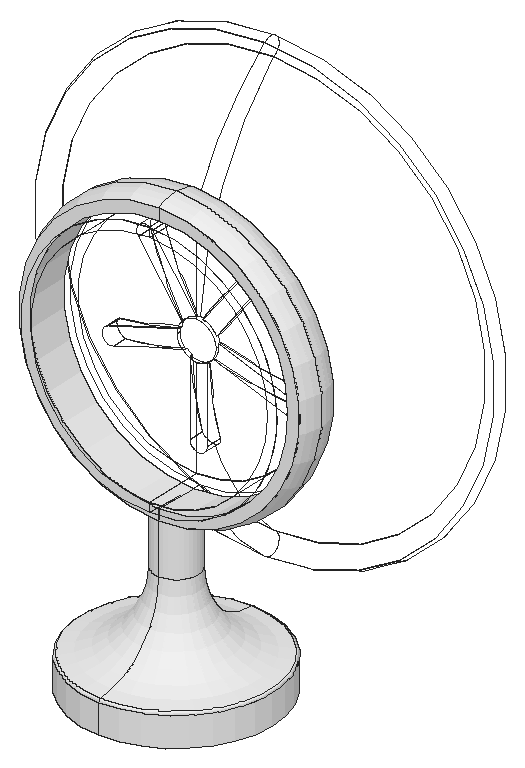
Revit family "Soap Holder-Wall-Dorf Kip1", category Specialty Equipment, host Face, Revit 2014
Parameters (values of type "Standard")
  Width_ANZRS = 124.4 mm  # constant formula
  URL = "http://specify.caroma.com.au/"
  Type Comments = "Caroma Kip Soap Dish"  # constant formula
  ModifiedIssue_ANZRS = 20150421.01  # constant formula
  Model = "872890C"  # constant formula
  Material_ANZRS = Metal-Chrome-Caroma
  Manufacturer = "GWA Bathrooms & Kitchens"  # constant formula
  Length_ANZRS = 109 mm  # constant formula
  Height_ANZRS = 52.7 mm  # constant formula
  Glazing = Glass-Clear-Caroma
  Description = "The Dorf Kip collection, complete with a full range of bathroom accessories and mixer taps offers a streamlined design, versatility and lasting quality."  # constant formula
  Default Elevation = 1000 mm
  CreatedBy_ANZRS = "Design Content"  # constant formula
  CreatedByURL_ANZRS = "http://www.designcontent.com.au"
  Cost = 0
  Assembly Code = "C1030200"
Reference planes
  plane 1 "Center (Elevation)": y = 0
  plane 2 "Back": z = 0
  plane 3 "Center (Left/Right)": x = 0
  plane 4 "Centre": z = 69.931
  plane 5 "Front": z = 124.4
  plane 6 "Left": x = -54.5
  plane 7 "Right": x = 54.5
  plane 8 "Bottom": y = -22.847
  plane 9 "Top": y = 29.853
Forms (mm)
  Revolve 1, solid, material "Metal-Chrome-Caroma" <- "Material_ANZRS"
    sketch origin (0, 0, -21.069) x (0, 1, 0) y (0, 0, 1)
      loop
        arc (5, 123.729) -> (2.588, 124.728) -> (0, 125.069) r 10
        arc (0, 125.069) -> (-2.588, 124.728) -> (-5, 123.729) r 10
        line (-5, 123.729) -> (-5, 121.147) -> (5, 121.4) -> (5, 123.729)
      axis (5, 91) -> (-5, 91)
    angle from 0 to 360
  Revolve 2, solid, material "Glass-Clear-Caroma" <- "Glazing"
    sketch origin (0, 0, -21.069) x (0, 1, 0) y (0, 0, 1)
      loop
        line (7.153, 121.551) -> (-7.847, 120.901) -> (-7.847, 118.708) -> (6.041, 118.708) -> (6.041, 91) -> (7.153, 91)
        arc (7.153, 91) -> (12.547, 118.088) -> (28.551, 140.598) r 66.014
        arc (28.551, 140.598) -> (29.718, 144.299) -> (25.865, 144.76) r 2.521
        arc (25.865, 144.76) -> (15.229, 134.187) -> (7.153, 121.551) r 68.411
      axis (28.551, 91) -> (-7.847, 91)
    angle from 0 to 360
  Revolve 3, solid, material "Metal-Chrome-Caroma" <- "Material_ANZRS"
    sketch origin (0, 0, 0) x (0, 1, 0) y (0, 0, 1)
      loop
        line (0, 0) -> (22.514, 0) -> (22.514, 6.9)
        arc (22.514, 6.9) -> (22.409, 7.272) -> (22.098, 7.503) r 0.6
        arc (22.098, 7.503) -> (9.97, 13.1) -> (4.988, 25.493) r 18.091
        line (4.988, 25.493) -> (4.988, 39.493) -> (0, 39.493) -> (0, 0)
      axis (0, 39.493) -> (0, 0)
    angle from 0 to 360
  Extrusion 4, void
    sketch origin (0, 0, -21.069) x (1, 0, 0) y (0, 0, 1)
      loop
        circle (0, 91) r 4.5
    from -21.817 to 27.5
  Extrusion 5, void
    sketch origin (0, 0, -21.069) x (1, 0, 0) y (0, 0, 1)
      loop
        arc (1.95, 87.195) -> (-0.037, 89.208) -> (-2.05, 87.22) r 2
        line (-2.05, 87.22) -> (-2.165, 69.221)
        arc (-2.165, 69.221) -> (-0.178, 67.208) -> (1.835, 69.195) r 2
        line (1.835, 69.195) -> (1.95, 87.195)
      loop
        line (-0.584, 95.248) -> (-11.071, 109.877)
        arc (-11.071, 109.877) -> (-13.862, 110.338) -> (-14.322, 107.547) r 2
        line (-14.322, 107.547) -> (-3.835, 92.917)
        arc (-3.835, 92.917) -> (-1.044, 92.457) -> (-0.584, 95.248) r 2
      loop
        arc (-3.008, 87.945) -> (-1.708, 90.457) -> (-4.22, 91.757) r 2
        line (-4.22, 91.757) -> (-21.374, 86.304)
        arc (-21.374, 86.304) -> (-22.675, 83.793) -> (-20.163, 82.492) r 2
        line (-20.163, 82.492) -> (-3.008, 87.945)
      loop
        line (3.859, 92.868) -> (14.532, 107.362)
        arc (14.532, 107.362) -> (14.108, 110.159) -> (11.311, 109.734) r 2
        line (11.311, 109.734) -> (0.638, 95.24)
        arc (0.638, 95.24) -> (1.063, 92.443) -> (3.859, 92.868) r 2
      loop
        line (2.969, 87.907) -> (20.052, 82.235)
        arc (20.052, 82.235) -> (22.581, 83.503) -> (21.313, 86.031) r 2
        line (21.313, 86.031) -> (4.23, 91.703)
        arc (4.23, 91.703) -> (1.701, 90.435) -> (2.969, 87.907) r 2
    from -21.817 to -6.84
Cuts and joins
  Extrusion 4, Extrusion 5 cuts Revolve 2
Dimensions and locks
  equal spacing: plane 6 "Left", plane 3 "Center (Left/Right)", plane 7 "Right"
  "Length_ANZRS": plane 6 "Left" to plane 7 "Right"
  "Width_ANZRS": plane 5 "Front" to level
  "Height_ANZRS": plane 8 "Bottom" to plane 9 "Top"
  aligned and locked: plane 2 "Back" to host face
  aligned and locked: level to host face
Automatic sketch dimensions
  host sketch curve to host sketch curve = 2438.4 mm  (x2)
  Revolve 1 sketch curve to Revolve 1 sketch curve = 0 mm  (x2)
  Revolve 1 sketch curve to plane 4 "Centre" = 0 mm
  Revolve 1 sketch curve to plane 1 "Center (Elevation)" = 0 mm
  plane 1 "Center (Elevation)" to Revolve 1 sketch curve = 0 mm
  plane 1 "Center (Elevation)" to Revolve 1 sketch curve = 5 mm
  Revolve 1 sketch curve to plane 1 "Center (Elevation)" = 5 mm
  plane 4 "Centre" to Revolve 1 sketch curve = 24.07 mm
  Revolve 1 sketch curve to Revolve 1 sketch curve = 6.078 mm
  Revolve 1 sketch curve to Revolve 1 sketch curve = 6.33 mm
  Revolve 1 sketch curve to Revolve 1 sketch curve = 2.329 mm
  plane 8 "Bottom" to Revolve 1 sketch curve = 9.141 mm
  Revolve 1 sketch curve to Revolve 1 sketch curve = 16.795 mm
  Revolve 2 sketch curve to plane 4 "Centre" = 0 mm  (x2)
  plane 1 "Center (Elevation)" to Revolve 2 sketch curve = 7.847 mm
  Revolve 2 sketch curve to plane 1 "Center (Elevation)" = 6.041 mm
  Revolve 2 sketch curve to Revolve 2 sketch curve = 1.112 mm  (x2)
  plane 9 "Top" to Revolve 2 sketch curve = 2.254 mm
  plane 4 "Centre" to Revolve 2 sketch curve = 0.25 mm
  Revolve 2 sketch curve to plane 9 "Top" = 38.635 mm
  plane 4 "Centre" to Revolve 2 sketch curve = 0.937 mm
  Revolve 2 sketch curve to Revolve 2 sketch curve = 4.672 mm
  Revolve 2 sketch curve to plane 5 "Front" = 26.761 mm
  Revolve 2 sketch curve to Revolve 2 sketch curve = 2.193 mm
  Revolve 2 sketch curve to Revolve 2 sketch curve = 2.843 mm
  Revolve 2 sketch curve to plane 5 "Front" = 2.537 mm
  plane 8 "Bottom" to Revolve 2 sketch curve = 9.141 mm
  Revolve 2 sketch curve to Revolve 2 sketch curve = 16.795 mm
  Revolve 2 sketch curve to plane 5 "Front" = 0.709 mm
  Revolve 3 sketch curve to plane 1 "Center (Elevation)" = 0 mm  (x2)
  Revolve 3 sketch curve to level = 0 mm
  Revolve 3 sketch curve to Revolve 3 sketch curve = 4.988 mm
  plane 9 "Top" to Revolve 3 sketch curve = 7.939 mm
  Revolve 3 sketch curve to Revolve 3 sketch curve = 0.599 mm
  plane 9 "Top" to Revolve 3 sketch curve = 6.775 mm
  Revolve 3 sketch curve to Revolve 3 sketch curve = 6.9 mm
  Revolve 3 sketch curve to Revolve 3 sketch curve = 0.032 mm
  Revolve 3 sketch curve to Revolve 3 sketch curve = 18.561 mm
  Revolve 3 sketch curve to Revolve 3 sketch curve = 0.074 mm
  Revolve 3 sketch curve to Revolve 3 sketch curve = 14 mm
  Revolve 3 sketch curve to level = 5 mm
  Revolve 3 sketch curve to Revolve 3 sketch curve = 6.141 mm
  Extrusion 4 sketch curve to plane 3 "Center (Left/Right)" = 0 mm
  Extrusion 4 sketch curve to plane 4 "Centre" = 0 mm
  Extrusion 5 sketch curve to plane 4 "Centre" = 4.696 mm
  Extrusion 5 sketch curve to plane 3 "Center (Left/Right)" = 21.374 mm
  Extrusion 5 sketch curve to Extrusion 5 sketch curve = 0.606 mm  (x4)
  Extrusion 5 sketch curve to plane 4 "Centre" = 8.508 mm
  Extrusion 5 sketch curve to plane 3 "Center (Left/Right)" = 14.322 mm
  Extrusion 5 sketch curve to Extrusion 5 sketch curve = 1.626 mm  (x3)
  plane 4 "Centre" to Extrusion 5 sketch curve = 0.757 mm
  Extrusion 5 sketch curve to plane 3 "Center (Left/Right)" = 4.22 mm
  plane 4 "Centre" to Extrusion 5 sketch curve = 1.917 mm
  Extrusion 5 sketch curve to Extrusion 5 sketch curve = 0.385 mm
  Extrusion 5 sketch curve to plane 3 "Center (Left/Right)" = 2.165 mm
  Extrusion 5 sketch curve to Extrusion 5 sketch curve = 0.959 mm
  Extrusion 5 sketch curve to plane 3 "Center (Left/Right)" = 0.584 mm
  Extrusion 5 sketch curve to plane 3 "Center (Left/Right)" = 0.165 mm
  Extrusion 5 sketch curve to plane 3 "Center (Left/Right)" = 0.05 mm
  plane 3 "Center (Left/Right)" to Extrusion 5 sketch curve = 0.638 mm
  plane 3 "Center (Left/Right)" to Extrusion 5 sketch curve = 1.835 mm
  plane 3 "Center (Left/Right)" to Extrusion 5 sketch curve = 1.95 mm
  Extrusion 5 sketch curve to Extrusion 5 sketch curve = 1.61 mm  (x4)
  Extrusion 5 sketch curve to Extrusion 5 sketch curve = 1.019 mm
  Extrusion 5 sketch curve to Extrusion 5 sketch curve = 0.63 mm  (x3)
  plane 4 "Centre" to Extrusion 5 sketch curve = 1.868 mm
  plane 4 "Centre" to Extrusion 5 sketch curve = 0.703 mm
  Extrusion 5 sketch curve to Extrusion 5 sketch curve = 0.37 mm
  plane 3 "Center (Left/Right)" to Extrusion 5 sketch curve = 11.311 mm
  Extrusion 5 sketch curve to plane 4 "Centre" = 8.765 mm
  Extrusion 5 sketch curve to Extrusion 5 sketch curve = 17.083 mm
  Extrusion 5 sketch curve to plane 4 "Centre" = 4.969 mm
  Extrusion 5 sketch curve to plane 4 "Centre" = 21.779 mm
  Extrusion 5 sketch curve to Extrusion 5 sketch curve = 0.013 mm  (x2)
  Extrusion 5 sketch curve to plane 4 "Centre" = 3.805 mm
  Extrusion 5 sketch curve to Extrusion 5 sketch curve = 0.712 mm
  Extrusion 5 sketch curve to Extrusion 5 sketch curve = 0.725 mm
  Extrusion 5 sketch curve to Extrusion 5 sketch curve = 1.186 mm  (x2)
  Extrusion 5 sketch curve to Extrusion 5 sketch curve = 1.165 mm  (x2)
  plane 4 "Centre" to Extrusion 5 sketch curve = 16.362 mm
  plane 4 "Centre" to Extrusion 5 sketch curve = 16.547 mm
  radius of Extrusion 4 sketch curve = 4.5 mm
